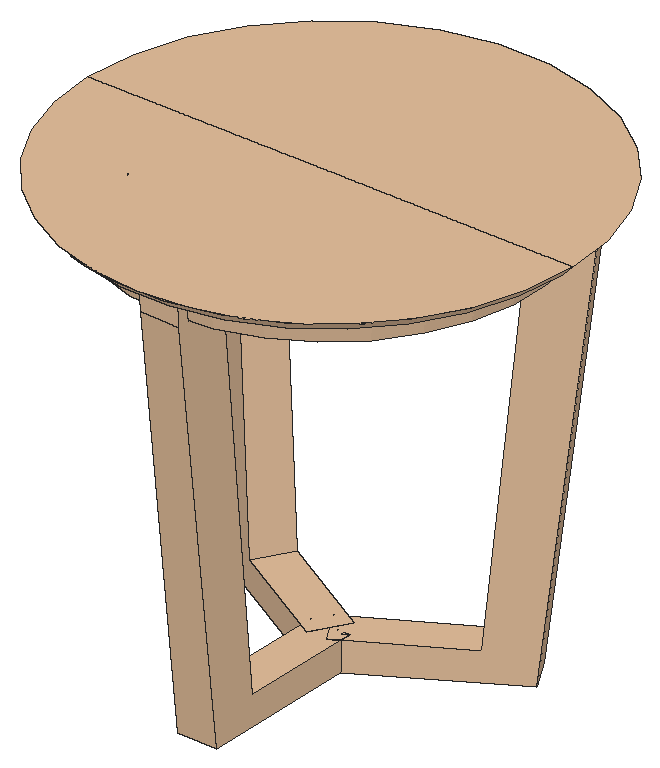
Revit family "FU_Table_Sandler_Trinity 1-1", category Furniture, Revit 2020
Family settings
  OmniClass Number = 23.40.20.00
  OmniClass Title = General Furniture and Specialties
  Work Plane-Based = No
  Always vertical = Yes
  Cut with Voids When Loaded = No
  Shared = No
  Room Calculation Point = No
Parameters (values of type "Trinity 1.1")
  Width = 500 mm
  URL = "https://www.sandlerseating.com/product/trinity-1-1/"
  Model = "Trinity 1.1"
  Manufacturer = "Sandler"
  Height = 450 mm
  Frame [instance] = Wood - Beech - Natural Oak
  Description = "Wooden side table with circular top and three joining legs, available in multiple heights and sizes."
  Depth = Width  # 500 mm
  Default Elevation = 0 mm
Reference planes
  plane 1 "Center (Front/Back)": y = 0
  plane 2: z = 0
  plane 3 "Center (Left/Right)": x = 0
  plane 4 "Right": x = -250
  plane 5 "Left": x = 250
  plane 6 "Back": y = 250
  plane 7 "Front": y = -250
  plane 8 "Height": z = 450
  plane 9 "Seat height": z = 439.892
Forms (mm)
  Revolve 1, solid, material "Wood - Beech - Natural Oak" <- "Frame"
    sketch origin (0, 0, 0) x (1, 0, 0) y (0, 0, 1)
      loop
        line (-250, 450) -> (-239.892, 439.892) -> (0, 439.892) -> (0, 450) -> (-250, 450)
      axis (0, 450) -> (0, 439.892)
    angle from 0 to 360
  Extrusion 2, solid, material "Wood - Beech - Natural Oak" <- "Frame"
    sketch origin (0, 0, 0) x (0, 1, 0) y (0, 0, 1)
      loop
        line (0, 30.03) -> (-126.04, 30.03) -> (-163.861, 410.256) -> (-208.24, 410.256) -> (-213.517, 439.892) -> (-221.229, 439.892) -> (-219.813, 410.184) -> (-171.083, 0) -> (0, 0) -> (0, 30.03)
    from -20 to 20
  Revolve 3, solid, material "Wood - Beech - Natural Oak" <- "Frame"
    sketch origin (0, 0, 0) x (0, 1, 0) y (0, 0, 1)
      loop
        line (-213.517, 439.892) -> (-208.24, 410.256) -> (-163.861, 410.256) -> (-163.861, 439.892) -> (-213.517, 439.892)
      axis (0, 439.892) -> (0, 410.256)
    angle from 0 to 360
  Extrusion 4, solid, material "Wood - Beech - Natural Oak" <- "Frame"
    sketch origin (0, 0, 0) x (-0.866025, -0.5, 0) y (0, 0, 1)
      loop
        line (0, 30.03) -> (-126.04, 30.03) -> (-163.861, 410.256) -> (-208.24, 410.256) -> (-213.517, 439.892) -> (-221.229, 439.892) -> (-219.813, 410.184) -> (-171.083, 0) -> (0, 0) -> (0, 30.03)
    from -20 to 20
  Extrusion 5, solid, material "Wood - Beech - Natural Oak" <- "Frame"
    sketch origin (0, 0, 0) x (0.866025, -0.5, 0) y (0, 0, 1)
      loop
        line (0, 30.03) -> (-126.04, 30.03) -> (-163.861, 410.256) -> (-208.24, 410.256) -> (-213.517, 439.892) -> (-221.229, 439.892) -> (-219.813, 410.184) -> (-171.083, 0) -> (0, 0) -> (0, 30.03)
    from -20 to 20
Dimensions and locks
  equal spacing: plane 4 "Right", plane 3 "Center (Left/Right)", plane 5 "Left"
  "Width": plane 4 "Right" to plane 5 "Left"
  equal spacing: plane 6 "Back", plane 1 "Center (Front/Back)", plane 7 "Front"
  "Depth": plane 6 "Back" to plane 7 "Front"
  "Height": plane 8 "Height" to level
  locked: plane 8 "Height" to plane 9 "Seat height" at 10.108
  aligned and locked: level to plane 2
Automatic sketch dimensions
  plane 4 "Right" to Revolve 1 sketch curve = 0 mm
  Revolve 1 sketch curve to plane 9 "Seat height" = 0 mm
  Revolve 1 sketch curve to plane 3 "Center (Left/Right)" = 0 mm  (x2)
  Revolve 1 sketch curve to plane 8 "Height" = 0 mm
  Revolve 1 sketch curve to plane 4 "Right" = 10.108 mm
  Revolve 1 sketch curve to plane 9 "Seat height" = 9.193 mm
  Revolve 1 sketch curve to Revolve 1 sketch curve = 15 mm
  Extrusion 2 sketch curve to Extrusion 2 sketch curve = 45.043 mm
  Extrusion 2 sketch curve to Extrusion 2 sketch curve = 7.712 mm
  Extrusion 2 sketch curve to Extrusion 2 sketch curve = 0.072 mm
  Extrusion 2 sketch curve to Extrusion 2 sketch curve = 11.573 mm
  Revolve 3 sketch curve to plane 9 "Seat height" = 0 mm
  Revolve 3 sketch curve to plane 1 "Center (Front/Back)" = 0 mm
  Revolve 3 sketch curve to plane 9 "Seat height" = 29.637 mm
  plane 7 "Front" to Revolve 3 sketch curve = 86.139 mm
  plane 7 "Front" to Revolve 3 sketch curve = 41.76 mm
  Revolve 3 sketch curve to Revolve 3 sketch curve = 5.277 mm
  Revolve 3 sketch curve to plane 9 "Seat height" = 70 mm
  plane 8 "Height" to Revolve 3 sketch curve = 44.892 mm
  Extrusion 2 sketch curve to Extrusion 2 sketch curve = 1.415 mm
  Extrusion 2 sketch curve to Extrusion 2 sketch curve = 37.157 mm
  Extrusion 2 sketch curve to Extrusion 2 sketch curve = 44.379 mm
  Extrusion 2 sketch curve to Extrusion 2 sketch curve = 126.04 mm
  Extrusion 2 sketch curve to Extrusion 2 sketch curve = 30.03 mm
  Extrusion 2 sketch curve to Extrusion 2 sketch curve = 380.154 mm
  Extrusion 2 sketch curve to Extrusion 2 sketch curve = 29.637 mm
  Extrusion 4 sketch curve to Extrusion 4 sketch curve = 45.043 mm
  Extrusion 4 sketch curve to Extrusion 4 sketch curve = 7.712 mm
  Extrusion 4 sketch curve to Extrusion 4 sketch curve = 0.072 mm
  Extrusion 4 sketch curve to Extrusion 4 sketch curve = 11.573 mm
  Extrusion 4 sketch curve to Extrusion 4 sketch curve = 1.415 mm
  Extrusion 4 sketch curve to Extrusion 4 sketch curve = 37.157 mm
  Extrusion 4 sketch curve to Extrusion 4 sketch curve = 44.379 mm
  Extrusion 4 sketch curve to Extrusion 4 sketch curve = 126.04 mm
  Extrusion 4 sketch curve to Extrusion 4 sketch curve = 30.03 mm
  Extrusion 4 sketch curve to Extrusion 4 sketch curve = 380.154 mm
  Extrusion 4 sketch curve to Extrusion 4 sketch curve = 29.637 mm
  Extrusion 5 sketch curve to Extrusion 5 sketch curve = 45.043 mm
  Extrusion 5 sketch curve to Extrusion 5 sketch curve = 7.712 mm
  Extrusion 5 sketch curve to Extrusion 5 sketch curve = 0.072 mm
  Extrusion 5 sketch curve to Extrusion 5 sketch curve = 11.573 mm
  Extrusion 5 sketch curve to Extrusion 5 sketch curve = 1.415 mm
  Extrusion 5 sketch curve to Extrusion 5 sketch curve = 37.157 mm
  Extrusion 5 sketch curve to Extrusion 5 sketch curve = 44.379 mm
  Extrusion 5 sketch curve to Extrusion 5 sketch curve = 126.04 mm
  Extrusion 5 sketch curve to Extrusion 5 sketch curve = 30.03 mm
  Extrusion 5 sketch curve to Extrusion 5 sketch curve = 380.154 mm
  Extrusion 5 sketch curve to Extrusion 5 sketch curve = 29.637 mm
